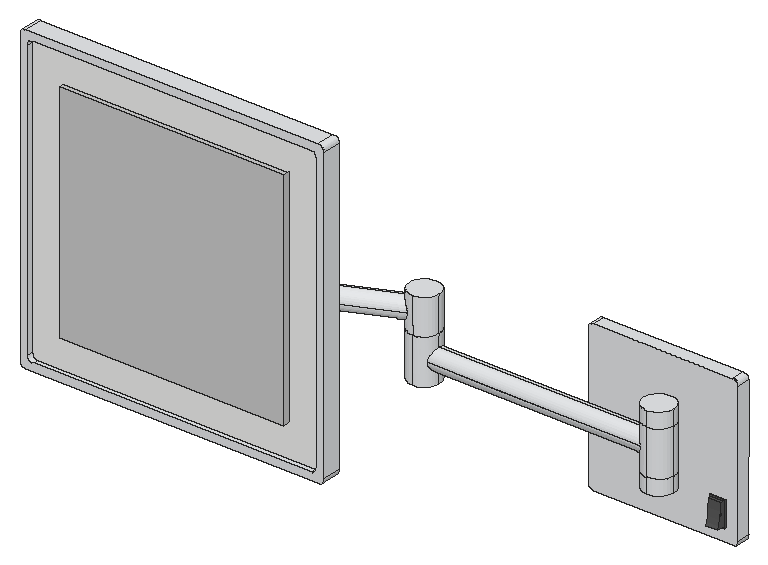
Revit family "DMMR0041", category Generic Models, Revit 2017
Family settings
  Can host rebar = No
  Round Connector Dimension = Use Diameter
  Part Type = Normal
  Work Plane-Based = No
  Always vertical = Yes
  Cut with Voids When Loaded = No
  Shared = No
  Room Calculation Point = No
Parameters
  Website = "https://dolphy.in/"  # constant formula
  Contact number = "+91 9520202035"  # constant formula
  Contact email = "info@dolphy.in\r\n"  # constant formula
  Company name = "Dolphy India"  # constant formula
Reference planes
  plane 1 "Center (Front/Back)": y = 0
  plane 2: z = 0
  plane 3 "Center (Left/Right)": x = 0
Forms (mm)
  Extrusion 1, solid, material "Dolphy_CHROME"
    sketch origin (0, 0, 0) x (1, 0, 0) y (0, 0, 1)
      loop
        spline (-97.662, 101.5) -> (-98.275, 101.474) -> (-98.835, 101.396) -> (-99.341, 101.266) -> (-99.794, 101.085) -> (-100.194, 100.851) -> (-100.54, 100.566) -> (-100.834, 100.228) -> (-101.074, 99.839) -> (-101.26, 99.398) -> (-101.393, 98.905) -> (-101.473, 98.36) -> (-101.5, 97.763)
        line (-101.5, 97.763) -> (-101.5, -97.763)
        spline (-101.5, -97.763) -> (-101.473, -98.36) -> (-101.393, -98.905) -> (-101.26, -99.398) -> (-101.074, -99.839) -> (-100.834, -100.228) -> (-100.54, -100.566) -> (-100.194, -100.851) -> (-99.794, -101.085) -> (-99.341, -101.266) -> (-98.835, -101.396) -> (-98.275, -101.474) -> (-97.662, -101.5)
        line (-97.662, -101.5) -> (97.662, -101.5)
        spline (97.662, -101.5) -> (98.275, -101.474) -> (98.835, -101.396) -> (99.341, -101.266) -> (99.794, -101.085) -> (100.194, -100.851) -> (100.54, -100.566) -> (100.834, -100.228) -> (101.074, -99.839) -> (101.26, -99.398) -> (101.393, -98.905) -> (101.473, -98.36) -> (101.5, -97.763)
        line (101.5, -97.763) -> (101.5, 97.763)
        spline (101.5, 97.763) -> (101.473, 98.36) -> (101.393, 98.905) -> (101.26, 99.398) -> (101.074, 99.839) -> (100.834, 100.228) -> (100.54, 100.566) -> (100.194, 100.851) -> (99.794, 101.085) -> (99.341, 101.266) -> (98.835, 101.396) -> (98.275, 101.474) -> (97.662, 101.5)
        line (97.662, 101.5) -> (-97.662, 101.5)
      loop
        spline (-92.662, 96.5) -> (-93.275, 96.474) -> (-93.835, 96.396) -> (-94.341, 96.266) -> (-94.794, 96.085) -> (-95.194, 95.851) -> (-95.54, 95.566) -> (-95.834, 95.228) -> (-96.074, 94.839) -> (-96.26, 94.398) -> (-96.393, 93.905) -> (-96.473, 93.36) -> (-96.5, 92.763)
        line (-96.5, 92.763) -> (-96.5, -92.763)
        spline (-96.5, -92.763) -> (-96.473, -93.36) -> (-96.393, -93.905) -> (-96.26, -94.398) -> (-96.074, -94.839) -> (-95.834, -95.228) -> (-95.54, -95.566) -> (-95.194, -95.851) -> (-94.794, -96.085) -> (-94.341, -96.266) -> (-93.835, -96.396) -> (-93.275, -96.474) -> (-92.662, -96.5)
        line (-92.662, -96.5) -> (92.662, -96.5)
        spline (92.662, -96.5) -> (93.275, -96.474) -> (93.835, -96.396) -> (94.341, -96.266) -> (94.794, -96.085) -> (95.194, -95.851) -> (95.54, -95.566) -> (95.834, -95.228) -> (96.074, -94.839) -> (96.26, -94.398) -> (96.393, -93.905) -> (96.473, -93.36) -> (96.5, -92.763)
        line (96.5, -92.763) -> (96.5, 92.763)
        spline (96.5, 92.763) -> (96.473, 93.36) -> (96.393, 93.905) -> (96.26, 94.398) -> (96.074, 94.839) -> (95.834, 95.228) -> (95.54, 95.566) -> (95.194, 95.851) -> (94.794, 96.085) -> (94.341, 96.266) -> (93.835, 96.396) -> (93.275, 96.474) -> (92.662, 96.5)
        line (92.662, 96.5) -> (-92.662, 96.5)
    from 77.197 to 89.947
  Extrusion 2, solid, material "Dolphy_WHITE"
    sketch origin (0, 0, 0) x (1, 0, 0) y (0, 0, 1)
      loop
        spline (-92.662, 96.5) -> (-93.275, 96.474) -> (-93.835, 96.396) -> (-94.341, 96.266) -> (-94.794, 96.085) -> (-95.194, 95.851) -> (-95.54, 95.566) -> (-95.834, 95.228) -> (-96.074, 94.839) -> (-96.26, 94.398) -> (-96.393, 93.905) -> (-96.473, 93.36) -> (-96.5, 92.763)
        line (-96.5, 92.763) -> (-96.5, -92.763)
        spline (-96.5, -92.763) -> (-96.473, -93.36) -> (-96.393, -93.905) -> (-96.26, -94.398) -> (-96.074, -94.839) -> (-95.834, -95.228) -> (-95.54, -95.566) -> (-95.194, -95.851) -> (-94.794, -96.085) -> (-94.341, -96.266) -> (-93.835, -96.396) -> (-93.275, -96.474) -> (-92.662, -96.5)
        line (-92.662, -96.5) -> (92.662, -96.5)
        spline (92.662, -96.5) -> (93.275, -96.474) -> (93.835, -96.396) -> (94.341, -96.266) -> (94.794, -96.085) -> (95.194, -95.851) -> (95.54, -95.566) -> (95.834, -95.228) -> (96.074, -94.839) -> (96.26, -94.398) -> (96.393, -93.905) -> (96.473, -93.36) -> (96.5, -92.763)
        line (96.5, -92.763) -> (96.5, 92.763)
        spline (96.5, 92.763) -> (96.473, 93.36) -> (96.393, 93.905) -> (96.26, 94.398) -> (96.074, 94.839) -> (95.834, 95.228) -> (95.54, 95.566) -> (95.194, 95.851) -> (94.794, 96.085) -> (94.341, 96.266) -> (93.835, 96.396) -> (93.275, 96.474) -> (92.662, 96.5)
        line (92.662, 96.5) -> (-92.662, 96.5)
    from 77.197 to 86.197
  Extrusion 3, solid, material "Glass"
    sketch origin (0, 0, 0) x (1, 0, 0) y (0, 0, 1)
      loop
        line (-75, 75) -> (-75, -75) -> (75, -75) -> (75, 75) -> (-75, 75)
    from 79.849 to 89.947
  Extrusion 4, solid, material "Dolphy_CHROME"
    sketch origin (0, 0, 0) x (1, 0, 0) y (0, 0, 1)
      loop
        spline (217.064, 0) -> (216.495, -0.025) -> (215.975, -0.099) -> (215.505, -0.223) -> (215.084, -0.396) -> (214.713, -0.619) -> (214.391, -0.891) -> (214.119, -1.213) -> (213.896, -1.584) -> (213.723, -2.005) -> (213.599, -2.475) -> (213.525, -2.995) -> (213.5, -3.564)
        line (213.5, -3.564) -> (213.5, -96.436)
        spline (213.5, -96.436) -> (213.525, -97.005) -> (213.599, -97.525) -> (213.723, -97.995) -> (213.896, -98.416) -> (214.119, -98.787) -> (214.391, -99.109) -> (214.713, -99.381) -> (215.084, -99.604) -> (215.505, -99.777) -> (215.975, -99.901) -> (216.495, -99.975) -> (217.064, -100)
        line (217.064, -100) -> (309.936, -100)
        spline (309.936, -100) -> (310.505, -99.975) -> (311.025, -99.901) -> (311.495, -99.777) -> (311.916, -99.604) -> (312.287, -99.381) -> (312.609, -99.109) -> (312.881, -98.787) -> (313.104, -98.416) -> (313.277, -97.995) -> (313.401, -97.525) -> (313.475, -97.005) -> (313.5, -96.436)
        line (313.5, -96.436) -> (313.5, -3.564)
        spline (313.5, -3.564) -> (313.475, -2.995) -> (313.401, -2.475) -> (313.277, -2.005) -> (313.104, -1.584) -> (312.881, -1.213) -> (312.609, -0.891) -> (312.287, -0.619) -> (311.916, -0.396) -> (311.495, -0.223) -> (311.025, -0.099) -> (310.505, -0.025) -> (309.936, 0)
        line (309.936, 0) -> (217.064, 0)
    from 0 to 8.413
  Extrusion 5, solid, material "Dolphy_CHROME"
    sketch origin (8.348, 0, 0) x (1, 0, 0) y (0, 1, 0)
      loop
        spline (260.152, -8.413) -> (259.04, -8.469) -> (257.899, -8.676) -> (256.752, -9.029) -> (255.624, -9.527) -> (254.538, -10.167) -> (253.519, -10.946) -> (252.59, -11.863) -> (251.777, -12.914) -> (251.102, -14.097) -> (250.59, -15.409) -> (250.266, -16.849) -> (250.152, -18.413)
        spline (250.152, -18.413) -> (250.266, -19.977) -> (250.59, -21.416) -> (251.102, -22.729) -> (251.777, -23.912) -> (252.59, -24.963) -> (253.519, -25.879) -> (254.538, -26.659) -> (255.624, -27.299) -> (256.752, -27.797) -> (257.899, -28.15) -> (259.04, -28.356) -> (260.152, -28.413)
        spline (260.152, -28.413) -> (261.264, -28.356) -> (262.405, -28.15) -> (263.552, -27.797) -> (264.681, -27.299) -> (265.767, -26.659) -> (266.786, -25.879) -> (267.714, -24.963) -> (268.528, -23.912) -> (269.202, -22.729) -> (269.714, -21.416) -> (270.039, -19.977) -> (270.152, -18.413)
        spline (270.152, -18.413) -> (270.039, -16.849) -> (269.714, -15.409) -> (269.202, -14.097) -> (268.528, -12.914) -> (267.714, -11.863) -> (266.786, -10.946) -> (265.767, -10.167) -> (264.681, -9.527) -> (263.552, -9.029) -> (262.405, -8.676) -> (261.264, -8.469) -> (260.152, -8.413)
    from -65 to -35
  Extrusion 6, solid, material "Dolphy_CHROME"
    sketch origin (8.348, 0, 0) x (1, 0, 0) y (0, 1, 0)
      loop
        spline (260.152, -8.413) -> (259.04, -8.469) -> (257.899, -8.676) -> (256.752, -9.029) -> (255.624, -9.527) -> (254.538, -10.167) -> (253.519, -10.946) -> (252.59, -11.863) -> (251.777, -12.914) -> (251.102, -14.097) -> (250.59, -15.409) -> (250.266, -16.849) -> (250.152, -18.413)
        spline (250.152, -18.413) -> (250.266, -19.977) -> (250.59, -21.416) -> (251.102, -22.729) -> (251.777, -23.912) -> (252.59, -24.963) -> (253.519, -25.879) -> (254.538, -26.659) -> (255.624, -27.299) -> (256.752, -27.797) -> (257.899, -28.15) -> (259.04, -28.356) -> (260.152, -28.413)
        spline (260.152, -28.413) -> (261.264, -28.356) -> (262.405, -28.15) -> (263.552, -27.797) -> (264.681, -27.299) -> (265.767, -26.659) -> (266.786, -25.879) -> (267.714, -24.963) -> (268.528, -23.912) -> (269.202, -22.729) -> (269.714, -21.416) -> (270.039, -19.977) -> (270.152, -18.413)
        spline (270.152, -18.413) -> (270.039, -16.849) -> (269.714, -15.409) -> (269.202, -14.097) -> (268.528, -12.914) -> (267.714, -11.863) -> (266.786, -10.946) -> (265.767, -10.167) -> (264.681, -9.527) -> (263.552, -9.029) -> (262.405, -8.676) -> (261.264, -8.469) -> (260.152, -8.413)
    from -35 to -25
  Extrusion 7, solid, material "Dolphy_CHROME"
    sketch origin (8.348, 0, 0) x (1, 0, 0) y (0, 1, 0)
      loop
        spline (260.152, -8.413) -> (259.04, -8.469) -> (257.899, -8.676) -> (256.752, -9.029) -> (255.624, -9.527) -> (254.538, -10.167) -> (253.519, -10.946) -> (252.59, -11.863) -> (251.777, -12.914) -> (251.102, -14.097) -> (250.59, -15.409) -> (250.266, -16.849) -> (250.152, -18.413)
        spline (250.152, -18.413) -> (250.266, -19.977) -> (250.59, -21.416) -> (251.102, -22.729) -> (251.777, -23.912) -> (252.59, -24.963) -> (253.519, -25.879) -> (254.538, -26.659) -> (255.624, -27.299) -> (256.752, -27.797) -> (257.899, -28.15) -> (259.04, -28.356) -> (260.152, -28.413)
        spline (260.152, -28.413) -> (261.264, -28.356) -> (262.405, -28.15) -> (263.552, -27.797) -> (264.681, -27.299) -> (265.767, -26.659) -> (266.786, -25.879) -> (267.714, -24.963) -> (268.528, -23.912) -> (269.202, -22.729) -> (269.714, -21.416) -> (270.039, -19.977) -> (270.152, -18.413)
        spline (270.152, -18.413) -> (270.039, -16.849) -> (269.714, -15.409) -> (269.202, -14.097) -> (268.528, -12.914) -> (267.714, -11.863) -> (266.786, -10.946) -> (265.767, -10.167) -> (264.681, -9.527) -> (263.552, -9.029) -> (262.405, -8.676) -> (261.264, -8.469) -> (260.152, -8.413)
    from -75 to -65
  Extrusion 8, solid, material "Dolphy_CHROME"
    sketch origin (51.353, 9.651, 126.353) x (0, 0, -1) y (0, 1, 0)
      loop
        spline (176.353, -21.064) -> (175.586, -21.093) -> (174.799, -21.229) -> (174.008, -21.471) -> (173.229, -21.817) -> (172.478, -22.265) -> (171.771, -22.812) -> (171.124, -23.456) -> (170.553, -24.195) -> (170.075, -25.028) -> (169.705, -25.952) -> (169.459, -26.965) -> (169.353, -28.064)
        spline (169.353, -28.064) -> (169.459, -29.164) -> (169.705, -30.177) -> (170.075, -31.1) -> (170.553, -31.933) -> (171.124, -32.673) -> (171.771, -33.317) -> (172.478, -33.864) -> (173.229, -34.311) -> (174.008, -34.657) -> (174.799, -34.9) -> (175.586, -35.036) -> (176.353, -35.064)
        spline (176.353, -35.064) -> (177.12, -35.036) -> (177.907, -34.9) -> (178.699, -34.657) -> (179.478, -34.311) -> (180.229, -33.864) -> (180.936, -33.317) -> (181.582, -32.673) -> (182.153, -31.933) -> (182.631, -31.1) -> (183.002, -30.177) -> (183.248, -29.164) -> (183.353, -28.064)
        spline (183.353, -28.064) -> (183.248, -26.965) -> (183.002, -25.952) -> (182.631, -25.028) -> (182.153, -24.195) -> (181.582, -23.456) -> (180.936, -22.812) -> (180.229, -22.265) -> (179.478, -21.817) -> (178.699, -21.471) -> (177.907, -21.229) -> (177.12, -21.093) -> (176.353, -21.064)
    from 62.561 to 218.647
  Extrusion 9, solid, material "Dolphy_CHROME"
    sketch origin (-148.652, 0, 0) x (1, 0, 0) y (0, 1, 0)
      loop
        spline (260.152, -8.413) -> (259.04, -8.469) -> (257.899, -8.676) -> (256.752, -9.029) -> (255.624, -9.527) -> (254.538, -10.167) -> (253.519, -10.946) -> (252.59, -11.863) -> (251.777, -12.914) -> (251.102, -14.097) -> (250.59, -15.409) -> (250.266, -16.849) -> (250.152, -18.413)
        spline (250.152, -18.413) -> (250.266, -19.977) -> (250.59, -21.416) -> (251.102, -22.729) -> (251.777, -23.912) -> (252.59, -24.963) -> (253.519, -25.879) -> (254.538, -26.659) -> (255.624, -27.299) -> (256.752, -27.797) -> (257.899, -28.15) -> (259.04, -28.356) -> (260.152, -28.413)
        spline (260.152, -28.413) -> (261.264, -28.356) -> (262.405, -28.15) -> (263.552, -27.797) -> (264.681, -27.299) -> (265.767, -26.659) -> (266.786, -25.879) -> (267.714, -24.963) -> (268.528, -23.912) -> (269.202, -22.729) -> (269.714, -21.416) -> (270.039, -19.977) -> (270.152, -18.413)
        spline (270.152, -18.413) -> (270.039, -16.849) -> (269.714, -15.409) -> (269.202, -14.097) -> (268.528, -12.914) -> (267.714, -11.863) -> (266.786, -10.946) -> (265.767, -10.167) -> (264.681, -9.527) -> (263.552, -9.029) -> (262.405, -8.676) -> (261.264, -8.469) -> (260.152, -8.413)
    from -65 to -35
  Extrusion 10, solid, material "Dolphy_CHROME"
    sketch origin (-148.652, 0, 0) x (1, 0, 0) y (0, 1, 0)
      loop
        spline (260.152, -8.413) -> (259.04, -8.469) -> (257.899, -8.676) -> (256.752, -9.029) -> (255.624, -9.527) -> (254.538, -10.167) -> (253.519, -10.946) -> (252.59, -11.863) -> (251.777, -12.914) -> (251.102, -14.097) -> (250.59, -15.409) -> (250.266, -16.849) -> (250.152, -18.413)
        spline (250.152, -18.413) -> (250.266, -19.977) -> (250.59, -21.416) -> (251.102, -22.729) -> (251.777, -23.912) -> (252.59, -24.963) -> (253.519, -25.879) -> (254.538, -26.659) -> (255.624, -27.299) -> (256.752, -27.797) -> (257.899, -28.15) -> (259.04, -28.356) -> (260.152, -28.413)
        spline (260.152, -28.413) -> (261.264, -28.356) -> (262.405, -28.15) -> (263.552, -27.797) -> (264.681, -27.299) -> (265.767, -26.659) -> (266.786, -25.879) -> (267.714, -24.963) -> (268.528, -23.912) -> (269.202, -22.729) -> (269.714, -21.416) -> (270.039, -19.977) -> (270.152, -18.413)
        spline (270.152, -18.413) -> (270.039, -16.849) -> (269.714, -15.409) -> (269.202, -14.097) -> (268.528, -12.914) -> (267.714, -11.863) -> (266.786, -10.946) -> (265.767, -10.167) -> (264.681, -9.527) -> (263.552, -9.029) -> (262.405, -8.676) -> (261.264, -8.469) -> (260.152, -8.413)
    from -35 to -11.384
  Extrusion 11, solid, material "Dolphy_CHROME"
    sketch origin (-260.152, -48.785, 0) x (1, 0, 0) y (0, 1, 0)
      loop
        spline (260.152, -8.413) -> (259.04, -8.469) -> (257.899, -8.676) -> (256.752, -9.029) -> (255.624, -9.527) -> (254.538, -10.167) -> (253.519, -10.946) -> (252.59, -11.863) -> (251.777, -12.914) -> (251.102, -14.097) -> (250.59, -15.409) -> (250.266, -16.849) -> (250.152, -18.413)
        spline (250.152, -18.413) -> (250.266, -19.977) -> (250.59, -21.416) -> (251.102, -22.729) -> (251.777, -23.912) -> (252.59, -24.963) -> (253.519, -25.879) -> (254.538, -26.659) -> (255.624, -27.299) -> (256.752, -27.797) -> (257.899, -28.15) -> (259.04, -28.356) -> (260.152, -28.413)
        spline (260.152, -28.413) -> (261.264, -28.356) -> (262.405, -28.15) -> (263.552, -27.797) -> (264.681, -27.299) -> (265.767, -26.659) -> (266.786, -25.879) -> (267.714, -24.963) -> (268.528, -23.912) -> (269.202, -22.729) -> (269.714, -21.416) -> (270.039, -19.977) -> (270.152, -18.413)
        spline (270.152, -18.413) -> (270.039, -16.849) -> (269.714, -15.409) -> (269.202, -14.097) -> (268.528, -12.914) -> (267.714, -11.863) -> (266.786, -10.946) -> (265.767, -10.167) -> (264.681, -9.527) -> (263.552, -9.029) -> (262.405, -8.676) -> (261.264, -8.469) -> (260.152, -8.413)
    from -35 to -11.384
  Extrusion 12, solid, material "Dolphy_CHROME"
    sketch origin (-101.159, -81.706, 152.677) x (0, 0, -1) y (-0.406737, 0.913545, 0)
      loop
        spline (176.353, -21.064) -> (175.586, -21.093) -> (174.799, -21.229) -> (174.008, -21.471) -> (173.229, -21.817) -> (172.478, -22.265) -> (171.771, -22.812) -> (171.124, -23.456) -> (170.553, -24.195) -> (170.075, -25.028) -> (169.705, -25.952) -> (169.459, -26.965) -> (169.353, -28.064)
        spline (169.353, -28.064) -> (169.459, -29.164) -> (169.705, -30.177) -> (170.075, -31.1) -> (170.553, -31.933) -> (171.124, -32.673) -> (171.771, -33.317) -> (172.478, -33.864) -> (173.229, -34.311) -> (174.008, -34.657) -> (174.799, -34.9) -> (175.586, -35.036) -> (176.353, -35.064)
        spline (176.353, -35.064) -> (177.12, -35.036) -> (177.907, -34.9) -> (178.699, -34.657) -> (179.478, -34.311) -> (180.229, -33.864) -> (180.936, -33.317) -> (181.582, -32.673) -> (182.153, -31.933) -> (182.631, -31.1) -> (183.002, -30.177) -> (183.248, -29.164) -> (183.353, -28.064)
        spline (183.353, -28.064) -> (183.248, -26.965) -> (183.002, -25.952) -> (182.631, -25.028) -> (182.153, -24.195) -> (181.582, -23.456) -> (180.936, -22.812) -> (180.229, -22.265) -> (179.478, -21.817) -> (178.699, -21.471) -> (177.907, -21.229) -> (177.12, -21.093) -> (176.353, -21.064)
    from 98.346 to 218.647
  Extrusion 13, solid, material "Dolphy_CHROME"
    sketch origin (-260.152, -48.785, 0) x (1, 0, 0) y (0, 1, 0)
      loop
        spline (260.152, -8.413) -> (259.04, -8.469) -> (257.899, -8.676) -> (256.752, -9.029) -> (255.624, -9.527) -> (254.538, -10.167) -> (253.519, -10.946) -> (252.59, -11.863) -> (251.777, -12.914) -> (251.102, -14.097) -> (250.59, -15.409) -> (250.266, -16.849) -> (250.152, -18.413)
        spline (250.152, -18.413) -> (250.266, -19.977) -> (250.59, -21.416) -> (251.102, -22.729) -> (251.777, -23.912) -> (252.59, -24.963) -> (253.519, -25.879) -> (254.538, -26.659) -> (255.624, -27.299) -> (256.752, -27.797) -> (257.899, -28.15) -> (259.04, -28.356) -> (260.152, -28.413)
        spline (260.152, -28.413) -> (261.264, -28.356) -> (262.405, -28.15) -> (263.552, -27.797) -> (264.681, -27.299) -> (265.767, -26.659) -> (266.786, -25.879) -> (267.714, -24.963) -> (268.528, -23.912) -> (269.202, -22.729) -> (269.714, -21.416) -> (270.039, -19.977) -> (270.152, -18.413)
        spline (270.152, -18.413) -> (270.039, -16.849) -> (269.714, -15.409) -> (269.202, -14.097) -> (268.528, -12.914) -> (267.714, -11.863) -> (266.786, -10.946) -> (265.767, -10.167) -> (264.681, -9.527) -> (263.552, -9.029) -> (262.405, -8.676) -> (261.264, -8.469) -> (260.152, -8.413)
    from -11.384 to -3.499
  Extrusion 14, solid, material "Dolphy_CHROME"
    sketch origin (-260.152, -48.785, 0) x (1, 0, 0) y (0, 1, 0)
      loop
        spline (260.152, -8.413) -> (259.04, -8.469) -> (257.899, -8.676) -> (256.752, -9.029) -> (255.624, -9.527) -> (254.538, -10.167) -> (253.519, -10.946) -> (252.59, -11.863) -> (251.777, -12.914) -> (251.102, -14.097) -> (250.59, -15.409) -> (250.266, -16.849) -> (250.152, -18.413)
        spline (250.152, -18.413) -> (250.266, -19.977) -> (250.59, -21.416) -> (251.102, -22.729) -> (251.777, -23.912) -> (252.59, -24.963) -> (253.519, -25.879) -> (254.538, -26.659) -> (255.624, -27.299) -> (256.752, -27.797) -> (257.899, -28.15) -> (259.04, -28.356) -> (260.152, -28.413)
        spline (260.152, -28.413) -> (261.264, -28.356) -> (262.405, -28.15) -> (263.552, -27.797) -> (264.681, -27.299) -> (265.767, -26.659) -> (266.786, -25.879) -> (267.714, -24.963) -> (268.528, -23.912) -> (269.202, -22.729) -> (269.714, -21.416) -> (270.039, -19.977) -> (270.152, -18.413)
        spline (270.152, -18.413) -> (270.039, -16.849) -> (269.714, -15.409) -> (269.202, -14.097) -> (268.528, -12.914) -> (267.714, -11.863) -> (266.786, -10.946) -> (265.767, -10.167) -> (264.681, -9.527) -> (263.552, -9.029) -> (262.405, -8.676) -> (261.264, -8.469) -> (260.152, -8.413)
    from -42.816 to -35
  Extrusion 15, solid, material "Dolphy_BLACK"
    sketch origin (0, 0, 0) x (1, 0, 0) y (0, 0, 1)
      loop
        line (295.118, -74.16) -> (295.118, -91.409) -> (304.959, -91.409) -> (304.959, -74.16) -> (295.118, -74.16)
    from 7.501 to 9.164
  Extrusion 16, solid, material "Dolphy_BLACK"
    sketch origin (0, 0, 0) x (0, 1, 0) y (0, 0, 1)
      loop
        line (-9.164, -90.365) -> (-9.164, -75.063) -> (-11.678, -75.063)
        spline (-11.678, -75.063) -> (-11.704, -77.026) -> (-11.779, -78.898) -> (-11.899, -80.669) -> (-12.058, -82.329) -> (-12.251, -83.867) -> (-12.474, -85.274) -> (-12.722, -86.538) -> (-12.99, -87.65) -> (-13.273, -88.599) -> (-13.566, -89.375) -> (-13.865, -89.967) -> (-14.164, -90.365)
        line (-14.164, -90.365) -> (-9.164, -90.365)
    from 296.262 to 304.331
Cuts and joins
  joined: Extrusion 5, Extrusion 8, Extrusion 9
  joined: Extrusion 10, Extrusion 11, Extrusion 12
Dimensions and locks
  Extrusion 3 to Extrusion 3 = 150 mm
  Extrusion 1 to Extrusion 4 = 415 mm
  Extrusion 1 to Extrusion 1 = 203 mm
  Extrusion 4 to Extrusion 4 = 100 mm  (x2)
  aligned and locked: level to plane 2
